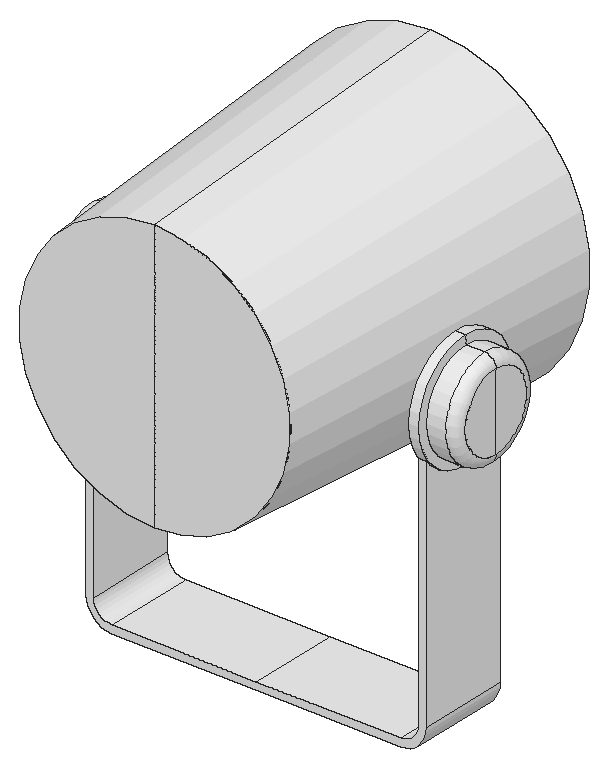
Revit family "Lighting-Accent-Acclaim-Unity", category Lighting Fixtures, host Face, Revit 2020
Family settings
  Host = Face
  Round Connector Dimension = Use Diameter
  Part Type = Normal
  Cut with Voids When Loaded = No
  Light Source = Yes
  Shared = No
  Room Calculation Point = No
Parameters
  Width = 145.00 mm
  Wattage = 9.2903 W
  built-in parameter 1150110 = 1 (stored number, unit not read)
  Voltage = 0 V
  URL = "http://www.acclaimlighting.com/"
  built-in parameter 1114217 = 1 (stored number, unit not read)
  Tilt Angle = -90.00°
  built-in parameter 1150109 = 1 (stored number, unit not read)
  built-in parameter 1150134 = 3
  built-in parameter 1150113 = 1 (stored number, unit not read)
  Power Factor = 1
  Photometric Web File = "Load File"
  Number of Poles = 1
  built-in parameter 1150142 = (empty or 0)
  Model = "Unity"
  Manufacturer = "Acclaim Lighting"
  built-in parameter 1150105 = 109.82 (stored number, unit not read)
  Lumens = 1380 lm
  built-in parameter 1150115 = 1 (stored number, unit not read)
  built-in parameter 1150137 = (empty or 0)
  built-in parameter 1150139 = (empty or 0)
  Length = 287.00 mm
  built-in parameter 1150112 = 1 (stored number, unit not read)
  built-in parameter 1150114 = 1 (stored number, unit not read)
  Lamp = "LED"
  built-in parameter 1150132 = (empty or 0)
  built-in parameter 1150102 = (empty or 0)
  built-in parameter 1150107 = 3200 (stored number, unit not read)
  built-in parameter 1150138 = (empty or 0)
  built-in parameter 1150106 = 1.0982 (stored number, unit not read)
  Housing Finish = Aluminum
  Emit from Circle Diameter = 228.60 mm
  Emit Shape Visible in Rendering = no
  built-in parameter 1150104 = 13.8 (stored number, unit not read)
  Dimming Lamp Color Temperature Shift = <None>
  Description = "Accent"
  Default Elevation = 1219.20 mm
  Color Filter = 16777215
  built-in parameter 1114218 = 1 (stored number, unit not read)
  built-in parameter 1150133 = 10 (stored number, unit not read)
  Apparent Load = 0 VA
Reference planes
  plane 1 "Center (Front/Back)": y = 0
  plane 2: z = 0
  plane 3 "Center (Left/Right)": x = 0
  plane 4: z = 243.84
  plane 5: x = 0
  plane 6: z = 233.68
  plane 7: x = -143.5
  plane 8: x = 143.5
  plane 9: y = 143.5
  plane 10: y = -143.5
  plane 11: y = 143.5
  plane 12: y = -143.5
  plane 13: z = 410.972
Forms (mm)
  Extrusion 1, solid, material "Aluminum"
    sketch origin (0, 0, 0) x (1, 0, 0) y (0, 0, 1)
      loop
        line (0, 6.35) -> (-119.809, 6.35)
        arc (-119.809, 6.35) -> (-130.551, 10.799) -> (-135, 21.541) r 15.191
        line (-135, 21.541) -> (-135, 276.541) -> (-141.35, 276.541) -> (-141.35, 21.541)
        arc (-141.35, 21.541) -> (-135.041, 6.309) -> (-119.809, 0) r 21.541
        line (-119.809, 0) -> (0, 0) -> (119.809, 0)
        arc (119.809, 0) -> (135.041, 6.309) -> (141.35, 21.541) r 21.541
        line (141.35, 21.541) -> (141.35, 276.541) -> (135, 276.541) -> (135, 21.541)
        arc (135, 21.541) -> (130.551, 10.799) -> (119.809, 6.35) r 15.191
        line (119.809, 6.35) -> (0, 6.35)
    from -38.317 to 37.939
  Revolve 2, solid, material "Aluminum"
    sketch origin (0, 0, 0) x (0, 1, 0) y (0, 0, 1)
      loop
        line (143.5, 410.972) -> (-143.217, 391.903) -> (-143.217, 279.403) -> (143.5, 279.403) -> (143.5, 410.972)
      axis (143.5, 279.403) -> (-143.217, 279.403)
    angle from 0 to 360
  Revolve 3, solid, material "Aluminum" <- "Housing Finish"
    sketch origin (0, 0, -0.384) x (-1, 0, 0) y (0, 0, 1)
      loop
        line (168.617, 250.044) -> (168.617, 281.906)
        arc (168.617, 281.906) -> (165.943, 288.361) -> (159.488, 291.035) r 9.129
        line (159.488, 291.035) -> (143.5, 291.035) -> (143.5, 298.477) -> (135, 298.477) -> (135, 250.044) -> (168.617, 250.044)
      axis (135, 250.044) -> (168.617, 250.044)
    angle from 0 to 360
  Revolve 4, solid, material "Aluminum" <- "Housing Finish"
    sketch origin (0, 0, -0.384) x (1, 0, 0) y (0, 0, 1)
      loop
        line (168.617, 250.044) -> (168.617, 281.906)
        arc (168.617, 281.906) -> (165.943, 288.361) -> (159.488, 291.035) r 9.129
        line (159.488, 291.035) -> (143.5, 291.035) -> (143.5, 298.477) -> (135, 298.477) -> (135, 250.044) -> (168.617, 250.044)
      axis (135, 250.044) -> (168.617, 250.044)
    angle from 0 to 360
  Extrusion 5, void
    sketch origin (0, 0, -5) x (1, 0, 0) y (0, 0, 1)
      loop
        circle (0, 284.115) r 110.501
    from -143.5 to -129.3
Cuts and joins
  Extrusion 5 cuts Revolve 2
Dimensions and locks
  equal spacing: plane 7, plane 5, plane 8
  "Length": plane 7 to plane 8
  equal spacing: plane 9, plane 1 "Center (Front/Back)", plane 10
  "Length": plane 9 to plane 10
  equal spacing: plane 11, plane 1 "Center (Front/Back)", plane 12
  "Length": plane 11 to plane 12
  aligned and locked: plane 2 to host face
  aligned and locked: level to host face
  aligned and locked: Extrusion 5 to Revolve 2
  aligned and locked: imposter light to cut or joined group of Revolve 2, Extrusion 5
Automatic sketch dimensions
  host sketch curve to host sketch curve = 2438.40 mm  (x2)
  Extrusion 1 sketch curve to Extrusion 1 sketch curve = 0.00 mm  (x4)
  Extrusion 1 sketch curve to level = 0.00 mm
  Extrusion 1 sketch curve to plane 3 "Center (Left/Right)" = 0.00 mm  (x2)
  plane 7 to Extrusion 1 sketch curve = 23.691 mm
  plane 7 to Extrusion 1 sketch curve = 8.50 mm
  plane 7 to Extrusion 1 sketch curve = 2.15 mm
  Extrusion 1 sketch curve to plane 8 = 23.691 mm
  Extrusion 1 sketch curve to plane 8 = 8.50 mm
  Extrusion 1 sketch curve to plane 4 = 32.701 mm  (x2)
  Revolve 3 sketch curve to plane 7 = 0.00 mm
  Revolve 3 sketch curve to Revolve 3 sketch curve = 8.50 mm
  plane 7 to Revolve 3 sketch curve = 15.988 mm
  plane 4 to Revolve 3 sketch curve = 5.82 mm  (x2)
  plane 7 to Revolve 3 sketch curve = 25.117 mm
  Revolve 3 sketch curve to Revolve 3 sketch curve = 31.862 mm
  Revolve 3 sketch curve to Revolve 3 sketch curve = 7.442 mm
  Revolve 3 sketch curve to Revolve 3 sketch curve = 0.00 mm
  Revolve 3 sketch curve to Revolve 3 sketch curve = 13.332 mm
  Revolve 4 sketch curve to plane 8 = 0.00 mm
  Revolve 4 sketch curve to Revolve 4 sketch curve = 8.50 mm
  plane 8 to Revolve 4 sketch curve = 15.988 mm
  Revolve 4 sketch curve to plane 4 = 5.82 mm  (x2)
  plane 8 to Revolve 4 sketch curve = 25.117 mm
  Revolve 4 sketch curve to Revolve 4 sketch curve = 31.862 mm
  Revolve 4 sketch curve to Revolve 4 sketch curve = 7.442 mm
  Revolve 4 sketch curve to Revolve 4 sketch curve = 0.00 mm
  Revolve 4 sketch curve to Revolve 4 sketch curve = 13.332 mm
  Extrusion 5 sketch curve to plane 3 "Center (Left/Right)" = 0.00 mm
  Extrusion 5 sketch curve to plane 4 = 35.275 mm
  Revolve 2 sketch curve to plane 9 = 0.00 mm  (x2)
  Revolve 2 sketch curve to plane 13 = 0.00 mm
  Revolve 2 sketch curve to plane 10 = 0.283 mm
  Revolve 2 sketch curve to plane 13 = 19.069 mm
  Revolve 2 sketch curve to plane 4 = 35.563 mm  (x2)
  plane 10 to Revolve 2 sketch curve = 393.00 mm
  radius of Extrusion 5 sketch curve = 110.501 mm
Connectors
  electrical at (0, -143.217, 279.403), driven by "Number of Poles", driven by "Voltage", driven by "Apparent Load", driven by "Power Factor"
    settings: on cut or joined group of Revolve 2, Extrusion 5, index 1, voltage 0 V, apparent load 0 VA, apparent load phase1 0 VA, apparent load phase2 0 VA, apparent load phase3 0 VA, power factor 1, load classification "Other", number of poles 1, system type 31, power factor state 1, is connector primary yes, connector utility no, sub classification motor no, connector description ""
